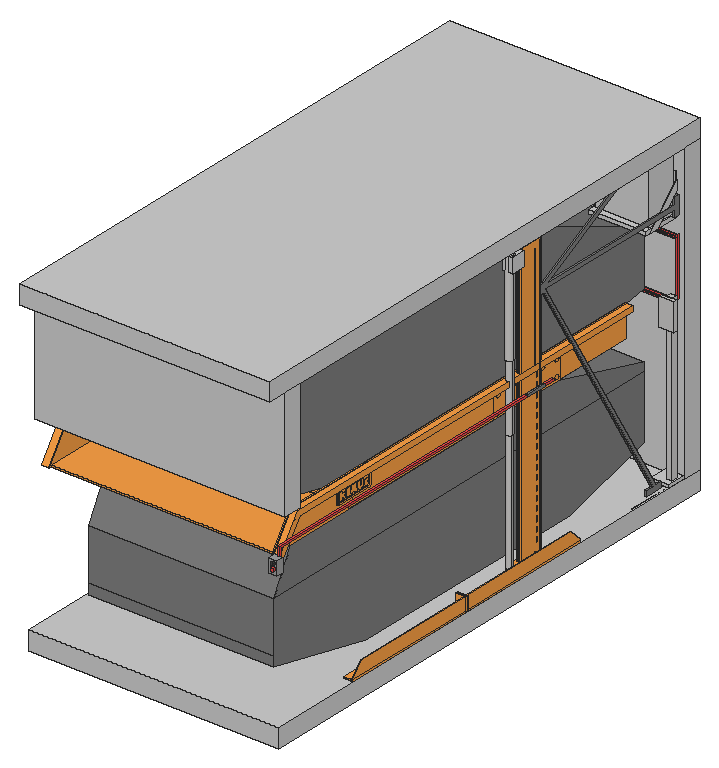
Revit family "CP612.6T (Family)", category Parking, Revit 2024 (continued)
Forms (mm)
  Extrusion 94, solid, material "Parking Column"
    sketch origin (0, 356.533, 0) x (-1, 0, 0) y (0, -1, 0)
      loop
        line (-1230.892, -156.39) -> (-1230.892, -248.39)
        arc (-1230.892, -248.39) -> (-1232.356, -251.926) -> (-1235.892, -253.39) r 5
        line (-1235.892, -253.39) -> (-1260.892, -253.39) -> (-1260.892, -258.39)
    from 0 to 3135
  Extrusion 95, void
    sketch origin (1283.392, 667.39, 120) x (0, 1, 0) y (0, 0, -1)
      loop
        line (-18.291, -277.631) -> (-35.291, -277.631)
        arc (-35.291, -277.631) -> (-38.12, -278.802) -> (-39.291, -281.631) r 4
        line (-39.291, -281.631) -> (-39.291, -338.631)
        arc (-39.291, -338.631) -> (-38.12, -341.459) -> (-35.291, -342.631) r 4
        line (-35.291, -342.631) -> (-26.791, -342.631) -> (-18.291, -342.631)
        arc (-18.291, -342.631) -> (-15.463, -341.459) -> (-14.291, -338.631) r 4
        line (-14.291, -338.631) -> (-14.291, -281.631)
        arc (-14.291, -281.631) -> (-15.463, -278.802) -> (-18.291, -277.631) r 4
      loop
        line (-18.291, -177.631) -> (-35.291, -177.631)
        arc (-35.291, -177.631) -> (-38.12, -178.802) -> (-39.291, -181.631) r 4
        line (-39.291, -181.631) -> (-39.291, -238.631)
        arc (-39.291, -238.631) -> (-38.12, -241.459) -> (-35.291, -242.631) r 4
        line (-35.291, -242.631) -> (-26.791, -242.631) -> (-18.291, -242.631)
        arc (-18.291, -242.631) -> (-15.463, -241.459) -> (-14.291, -238.631) r 4
        line (-14.291, -238.631) -> (-14.291, -181.631)
        arc (-14.291, -181.631) -> (-15.463, -178.802) -> (-18.291, -177.631) r 4
      loop
        line (-18.291, -77.631) -> (-35.291, -77.631)
        arc (-35.291, -77.631) -> (-38.12, -78.802) -> (-39.291, -81.631) r 4
        line (-39.291, -81.631) -> (-39.291, -138.631)
        arc (-39.291, -138.631) -> (-38.12, -141.459) -> (-35.291, -142.631) r 4
        line (-35.291, -142.631) -> (-26.791, -142.631) -> (-18.291, -142.631)
        arc (-18.291, -142.631) -> (-15.463, -141.459) -> (-14.291, -138.631) r 4
        line (-14.291, -138.631) -> (-14.291, -81.631)
        arc (-14.291, -81.631) -> (-15.463, -78.802) -> (-18.291, -77.631) r 4
      loop
        line (-18.291, -477.631) -> (-35.291, -477.631)
        arc (-35.291, -477.631) -> (-38.12, -478.802) -> (-39.291, -481.631) r 4
        line (-39.291, -481.631) -> (-39.291, -538.631)
        arc (-39.291, -538.631) -> (-38.12, -541.459) -> (-35.291, -542.631) r 4
        line (-35.291, -542.631) -> (-26.791, -542.631) -> (-18.291, -542.631)
        arc (-18.291, -542.631) -> (-15.463, -541.459) -> (-14.291, -538.631) r 4
        line (-14.291, -538.631) -> (-14.291, -481.631)
        arc (-14.291, -481.631) -> (-15.463, -478.802) -> (-18.291, -477.631) r 4
      loop
        line (-18.291, -377.631) -> (-35.291, -377.631)
        arc (-35.291, -377.631) -> (-38.12, -378.802) -> (-39.291, -381.631) r 4
        line (-39.291, -381.631) -> (-39.291, -438.631)
        arc (-39.291, -438.631) -> (-38.12, -441.459) -> (-35.291, -442.631) r 4
        line (-35.291, -442.631) -> (-26.791, -442.631) -> (-18.291, -442.631)
        arc (-18.291, -442.631) -> (-15.463, -441.459) -> (-14.291, -438.631) r 4
        line (-14.291, -438.631) -> (-14.291, -381.631)
        arc (-14.291, -381.631) -> (-15.463, -378.802) -> (-18.291, -377.631) r 4
      loop
        line (-18.291, -677.631) -> (-35.291, -677.631)
        arc (-35.291, -677.631) -> (-38.12, -678.802) -> (-39.291, -681.631) r 4
        line (-39.291, -681.631) -> (-39.291, -738.631)
        arc (-39.291, -738.631) -> (-38.12, -741.459) -> (-35.291, -742.631) r 4
        line (-35.291, -742.631) -> (-26.791, -742.631) -> (-18.291, -742.631)
        arc (-18.291, -742.631) -> (-15.463, -741.459) -> (-14.291, -738.631) r 4
        line (-14.291, -738.631) -> (-14.291, -681.631)
        arc (-14.291, -681.631) -> (-15.463, -678.802) -> (-18.291, -677.631) r 4
      loop
        line (-18.291, -577.631) -> (-35.291, -577.631)
        arc (-35.291, -577.631) -> (-38.12, -578.802) -> (-39.291, -581.631) r 4
        line (-39.291, -581.631) -> (-39.291, -638.631)
        arc (-39.291, -638.631) -> (-38.12, -641.459) -> (-35.291, -642.631) r 4
        line (-35.291, -642.631) -> (-26.791, -642.631) -> (-18.291, -642.631)
        arc (-18.291, -642.631) -> (-15.463, -641.459) -> (-14.291, -638.631) r 4
        line (-14.291, -638.631) -> (-14.291, -581.631)
        arc (-14.291, -581.631) -> (-15.463, -578.802) -> (-18.291, -577.631) r 4
      loop
        line (-18.291, -877.631) -> (-35.291, -877.631)
        arc (-35.291, -877.631) -> (-38.12, -878.802) -> (-39.291, -881.631) r 4
        line (-39.291, -881.631) -> (-39.291, -938.631)
        arc (-39.291, -938.631) -> (-38.12, -941.459) -> (-35.291, -942.631) r 4
        line (-35.291, -942.631) -> (-26.791, -942.631) -> (-18.291, -942.631)
        arc (-18.291, -942.631) -> (-15.463, -941.459) -> (-14.291, -938.631) r 4
        line (-14.291, -938.631) -> (-14.291, -881.631)
        arc (-14.291, -881.631) -> (-15.463, -878.802) -> (-18.291, -877.631) r 4
      loop
        line (-18.291, -777.631) -> (-35.291, -777.631)
        arc (-35.291, -777.631) -> (-38.12, -778.802) -> (-39.291, -781.631) r 4
        line (-39.291, -781.631) -> (-39.291, -838.631)
        arc (-39.291, -838.631) -> (-38.12, -841.459) -> (-35.291, -842.631) r 4
        line (-35.291, -842.631) -> (-26.791, -842.631) -> (-18.291, -842.631)
        arc (-18.291, -842.631) -> (-15.463, -841.459) -> (-14.291, -838.631) r 4
        line (-14.291, -838.631) -> (-14.291, -781.631)
        arc (-14.291, -781.631) -> (-15.463, -778.802) -> (-18.291, -777.631) r 4
      loop
        line (-18.291, -1077.631) -> (-35.291, -1077.631)
        arc (-35.291, -1077.631) -> (-38.12, -1078.802) -> (-39.291, -1081.631) r 4
        line (-39.291, -1081.631) -> (-39.291, -1138.631)
        arc (-39.291, -1138.631) -> (-38.12, -1141.459) -> (-35.291, -1142.631) r 4
        line (-35.291, -1142.631) -> (-26.791, -1142.631) -> (-18.291, -1142.631)
        arc (-18.291, -1142.631) -> (-15.463, -1141.459) -> (-14.291, -1138.631) r 4
        line (-14.291, -1138.631) -> (-14.291, -1081.631)
        arc (-14.291, -1081.631) -> (-15.463, -1078.802) -> (-18.291, -1077.631) r 4
      loop
        line (-18.291, -977.631) -> (-35.291, -977.631)
        arc (-35.291, -977.631) -> (-38.12, -978.802) -> (-39.291, -981.631) r 4
        line (-39.291, -981.631) -> (-39.291, -1038.631)
        arc (-39.291, -1038.631) -> (-38.12, -1041.459) -> (-35.291, -1042.631) r 4
        line (-35.291, -1042.631) -> (-26.791, -1042.631) -> (-18.291, -1042.631)
        arc (-18.291, -1042.631) -> (-15.463, -1041.459) -> (-14.291, -1038.631) r 4
        line (-14.291, -1038.631) -> (-14.291, -981.631)
        arc (-14.291, -981.631) -> (-15.463, -978.802) -> (-18.291, -977.631) r 4
      loop
        line (-18.291, -1277.631) -> (-35.291, -1277.631)
        arc (-35.291, -1277.631) -> (-38.12, -1278.802) -> (-39.291, -1281.631) r 4
        line (-39.291, -1281.631) -> (-39.291, -1338.631)
        arc (-39.291, -1338.631) -> (-38.12, -1341.459) -> (-35.291, -1342.631) r 4
        line (-35.291, -1342.631) -> (-26.791, -1342.631) -> (-18.291, -1342.631)
        arc (-18.291, -1342.631) -> (-15.463, -1341.459) -> (-14.291, -1338.631) r 4
        line (-14.291, -1338.631) -> (-14.291, -1281.631)
        arc (-14.291, -1281.631) -> (-15.463, -1278.802) -> (-18.291, -1277.631) r 4
      loop
        line (-18.291, -1177.631) -> (-35.291, -1177.631)
        arc (-35.291, -1177.631) -> (-38.12, -1178.802) -> (-39.291, -1181.631) r 4
        line (-39.291, -1181.631) -> (-39.291, -1238.631)
        arc (-39.291, -1238.631) -> (-38.12, -1241.459) -> (-35.291, -1242.631) r 4
        line (-35.291, -1242.631) -> (-26.791, -1242.631) -> (-18.291, -1242.631)
        arc (-18.291, -1242.631) -> (-15.463, -1241.459) -> (-14.291, -1238.631) r 4
        line (-14.291, -1238.631) -> (-14.291, -1181.631)
        arc (-14.291, -1181.631) -> (-15.463, -1178.802) -> (-18.291, -1177.631) r 4
      loop
        line (-18.291, -1477.631) -> (-35.291, -1477.631)
        arc (-35.291, -1477.631) -> (-38.12, -1478.802) -> (-39.291, -1481.631) r 4
        line (-39.291, -1481.631) -> (-39.291, -1538.631)
        arc (-39.291, -1538.631) -> (-38.12, -1541.459) -> (-35.291, -1542.631) r 4
        line (-35.291, -1542.631) -> (-26.791, -1542.631) -> (-18.291, -1542.631)
        arc (-18.291, -1542.631) -> (-15.463, -1541.459) -> (-14.291, -1538.631) r 4
        line (-14.291, -1538.631) -> (-14.291, -1481.631)
        arc (-14.291, -1481.631) -> (-15.463, -1478.802) -> (-18.291, -1477.631) r 4
      loop
        line (-18.291, -1377.631) -> (-35.291, -1377.631)
        arc (-35.291, -1377.631) -> (-38.12, -1378.802) -> (-39.291, -1381.631) r 4
        line (-39.291, -1381.631) -> (-39.291, -1438.631)
        arc (-39.291, -1438.631) -> (-38.12, -1441.459) -> (-35.291, -1442.631) r 4
        line (-35.291, -1442.631) -> (-26.791, -1442.631) -> (-18.291, -1442.631)
        arc (-18.291, -1442.631) -> (-15.463, -1441.459) -> (-14.291, -1438.631) r 4
        line (-14.291, -1438.631) -> (-14.291, -1381.631)
        arc (-14.291, -1381.631) -> (-15.463, -1378.802) -> (-18.291, -1377.631) r 4
      loop
        line (-18.291, -1677.631) -> (-35.291, -1677.631)
        arc (-35.291, -1677.631) -> (-38.12, -1678.802) -> (-39.291, -1681.631) r 4
        line (-39.291, -1681.631) -> (-39.291, -1738.631)
        arc (-39.291, -1738.631) -> (-38.12, -1741.459) -> (-35.291, -1742.631) r 4
        line (-35.291, -1742.631) -> (-26.791, -1742.631) -> (-18.291, -1742.631)
        arc (-18.291, -1742.631) -> (-15.463, -1741.459) -> (-14.291, -1738.631) r 4
        line (-14.291, -1738.631) -> (-14.291, -1681.631)
        arc (-14.291, -1681.631) -> (-15.463, -1678.802) -> (-18.291, -1677.631) r 4
      loop
        line (-18.291, -1577.631) -> (-35.291, -1577.631)
        arc (-35.291, -1577.631) -> (-38.12, -1578.802) -> (-39.291, -1581.631) r 4
        line (-39.291, -1581.631) -> (-39.291, -1638.631)
        arc (-39.291, -1638.631) -> (-38.12, -1641.459) -> (-35.291, -1642.631) r 4
        line (-35.291, -1642.631) -> (-26.791, -1642.631) -> (-18.291, -1642.631)
        arc (-18.291, -1642.631) -> (-15.463, -1641.459) -> (-14.291, -1638.631) r 4
        line (-14.291, -1638.631) -> (-14.291, -1581.631)
        arc (-14.291, -1581.631) -> (-15.463, -1578.802) -> (-18.291, -1577.631) r 4
    from -7.718 to 25
  Extrusion 96, solid, material "Parking Column"
    sketch origin (0, 431.533, 0) x (-1, 0, 0) y (0, -1, 0)
      loop
        line (-1278.392, -247.39) -> (-1278.392, -7.39) -> (-1283.392, -7.39) -> (-1283.392, -247.39) -> (-1278.392, -247.39)
    from 0 to 3135
Cuts and joins
  Extrusion 88, Extrusion 91, Extrusion 95 cuts Extrusion 85
  Extrusion 95 cuts Extrusion 84
  Extrusion 91 cuts Sweep 41
  Extrusion 91, Extrusion 95 cuts Extrusion 90
  Extrusion 95 cuts Extrusion 93
  Extrusion 95 cuts Extrusion 96
Lines and regions (mm)
  sketch lines
    curve 1: line (-1209.803, -2196.86, 1924) -> (-1209.803, 1937.923, 1924)
    curve 2: line (-1209.803, -2593.852, 1924) -> (-1209.803, -2196.86, 1924)
    curve 3: line (1211, 1937.923, 1924) -> (1211, -2593.852, 1924)
    curve 6: line (-1209.803, -2834.059, 1575) -> (-1209.803, -2593.852, 1924)
    curve 7: line (1211, -2593.852, 1924) -> (1211, -2834.059, 1575)
  model lines
    curve 4: line (-1223.993, 761.923, 1919) -> (-1223.993, 388.923, 1919)
    curve 5: line (-1236, -38.363, 1600) -> (-1236, -98.363, 1600)
    curve 8: line (-1223.993, -2396.574, 1575) -> (-1223.993, -2384.574, 1575)
    curve 9: line (1338.75, -2339.077, 1600) -> (1345.75, -2339.077, 1600)
    curve 10: line (1345.75, -2339.077, 1600) -> (1345.75, -2404.077, 1600)
    curve 11: line (-1333.594, -2339.077, 1600) -> (-1340.594, -2339.077, 1600)
    curve 12: line (-1340.594, -2339.077, 1600) -> (-1340.594, -2389.077, 1600)
  model lines, style "Site"
    curve 13: line (-1350, 2553.923, 0) -> (-1350, 558.923, 0)
Dimensions and locks
  equal spacing: plane 4, plane 3 "Center (Left/Right)", plane 5
  "Parking Width (PW)": plane 4 to plane 5
  "Total Height (H)": Extrusion 39 to Extrusion 39
  "Model Height (DH)": Extrusion 2 to Extrusion 1
  Extrusion 1 to Extrusion 23 = 1500 mm
  Extrusion 2 to Extrusion 2 = 4754.775 mm
  Sweep 42 to Extrusion 60 = 100 mm
  Extrusion 40 to Extrusion 40 = 2700 mm  (x2)
  Extrusion 39 to Extrusion 60 = 5200 mm
  Sweep 22 sketch curve to Extrusion 1 = 1730 mm
  Extrusion 39 to Extrusion 2 = 616 mm
  Extrusion 74 to Extrusion 74 = 3755 mm
  Extrusion 15 to Extrusion 17 = 2686.344 mm
  aligned and locked: level to plane 2
  aligned and locked: Extrusion 2 to plane 4
  aligned and locked: Extrusion 2 to plane 5
Automatic sketch dimensions
  Extrusion 24 sketch curve to Extrusion 24 sketch curve = 200 mm  (x2)
  Extrusion 25 sketch curve to Extrusion 25 sketch curve = 30 mm  (x2)
  Extrusion 25 sketch curve to Extrusion 25 sketch curve = 60 mm
  Extrusion 26 sketch curve to Extrusion 25 = 0 mm
  Extrusion 26 sketch curve to Extrusion 25 = 48.82 mm
  Extrusion 25 to Extrusion 26 sketch curve = 51.232 mm
  Extrusion 25 to Extrusion 26 sketch curve = 300 mm
  Extrusion 25 to Sweep 27 sketch curve = 0 mm
  Extrusion 25 to Sweep 27 sketch curve = 30 mm
  Sweep 27 sketch curve to Extrusion 25 = 355 mm
  Sweep 27 sketch curve to Extrusion 25 = 5320 mm
  Extrusion 25 to Sweep 27 sketch curve = 290 mm
  profile plane to Sweep 27 sketch curve = 10.607 mm
  Sweep 27 sketch curve to profile plane = 9.393 mm
  Sweep 27 sketch curve to profile plane = 20.236 mm
  Sweep 27 sketch curve to Sweep 27 sketch curve = 20 mm
  Extrusion 28 sketch curve to Sweep 27 = 90 mm  (x2)
  Extrusion 28 sketch curve to Sweep 27 = 0 mm
  Extrusion 28 sketch curve to Extrusion 28 sketch curve = 150 mm
  Extrusion 30 sketch curve to Extrusion 30 sketch curve = 14 mm
  Extrusion 29 to Extrusion 31 sketch curve = 0 mm
  Extrusion 31 sketch curve to Extrusion 29 = 0 mm  (x2)
  Extrusion 31 sketch curve to Extrusion 29 = 121 mm
  Extrusion 31 sketch curve to Extrusion 29 = 138 mm
  Extrusion 29 sketch curve to Extrusion 29 sketch curve = 100 mm
  Extrusion 29 sketch curve to Extrusion 29 sketch curve = 1531 mm
  Extrusion 30 sketch curve to Extrusion 30 sketch curve = 86 mm
  Extrusion 33 sketch curve to Extrusion 33 sketch curve = 14 mm
  Extrusion 32 to Extrusion 34 sketch curve = 0 mm
  Extrusion 34 sketch curve to Extrusion 32 = 0 mm
  Extrusion 32 to Extrusion 34 sketch curve = 121 mm
  Extrusion 32 to Extrusion 34 sketch curve = 14 mm
  Extrusion 34 sketch curve to Extrusion 32 = 138 mm
  Extrusion 32 sketch curve to Extrusion 32 sketch curve = 100 mm
  Extrusion 32 sketch curve to Extrusion 32 sketch curve = 1531 mm
  Extrusion 33 sketch curve to Extrusion 33 sketch curve = 86 mm
  Extrusion 44 sketch curve to Extrusion 44 sketch curve = 179 mm  (x2)
  Extrusion 47 sketch curve to Extrusion 47 sketch curve = 20 mm  (x7)
  Extrusion 47 sketch curve to Extrusion 47 sketch curve = 0 mm  (x5)
  Extrusion 47 sketch curve to Extrusion 47 sketch curve = 202 mm  (x2)
  Extrusion 52 sketch curve to Extrusion 52 sketch curve = 291.26 mm
  Extrusion 52 sketch curve to Extrusion 52 sketch curve = 225 mm
  Extrusion 52 sketch curve to Extrusion 52 sketch curve = 300 mm
  Extrusion 52 sketch curve to Extrusion 52 sketch curve = 10 mm  (x3)
  Extrusion 53 sketch curve to Extrusion 52 = 18.953 mm  (x2)
  Extrusion 53 sketch curve to Extrusion 53 sketch curve = 5.977 mm  (x16)
  Extrusion 53 sketch curve to Extrusion 53 sketch curve = 16.33 mm  (x32)
  Extrusion 53 sketch curve to Extrusion 53 sketch curve = 22.307 mm  (x32)
  Extrusion 53 sketch curve to Extrusion 52 = 72.307 mm  (x4)
  Extrusion 53 sketch curve to Extrusion 52 = 27.693 mm  (x6)
  Extrusion 53 sketch curve to Extrusion 52 = 82.307 mm  (x4)
  Extrusion 54 sketch curve to Extrusion 54 sketch curve = 300 mm
  Extrusion 54 sketch curve to Extrusion 54 sketch curve = 225 mm
  Extrusion 54 sketch curve to Extrusion 54 sketch curve = 291.26 mm
  Extrusion 55 sketch curve to Extrusion 54 = 27.693 mm  (x10)
  Extrusion 55 sketch curve to Extrusion 55 sketch curve = 5.977 mm  (x27)
  Extrusion 55 sketch curve to Extrusion 55 sketch curve = 16.33 mm  (x17)
  Extrusion 55 sketch curve to Extrusion 55 sketch curve = 22.307 mm  (x23)
  Extrusion 55 sketch curve to Extrusion 54 = 72.307 mm  (x4)
  Extrusion 55 sketch curve to Extrusion 54 = 70 mm
  Extrusion 55 sketch curve to Extrusion 55 sketch curve = 20 mm  (x3)
  Extrusion 55 sketch curve to Extrusion 55 sketch curve = 11.547 mm  (x3)
  Extrusion 55 sketch curve to Extrusion 55 sketch curve = 23.094 mm  (x2)
  Extrusion 55 sketch curve to Extrusion 55 sketch curve = 44.614 mm  (x3)
  Extrusion 55 sketch curve to Extrusion 54 = 26.906 mm
  Extrusion 57 sketch curve to Extrusion 47 = 0 mm
  Extrusion 47 to Extrusion 57 sketch curve = 0 mm  (x2)
  Extrusion 47 to Extrusion 57 sketch curve = 17 mm  (x2)
  Extrusion 47 to Extrusion 57 sketch curve = 159 mm
  Extrusion 57 sketch curve to Extrusion 57 sketch curve = 159 mm
  Extrusion 47 to Extrusion 57 sketch curve = 2.125 mm
  Extrusion 47 to Extrusion 56 sketch curve = 18 mm  (x2)
  Extrusion 47 to Extrusion 56 sketch curve = 8 mm  (x4)
  Extrusion 56 sketch curve to Extrusion 47 = 8 mm  (x2)
  Extrusion 47 to Extrusion 56 sketch curve = 7 mm  (x2)
  Extrusion 56 sketch curve to Extrusion 56 sketch curve = 10 mm  (x5)
  Extrusion 47 to Extrusion 56 sketch curve = 17 mm
  Extrusion 47 to Extrusion 56 sketch curve = 20 mm  (x2)
  Extrusion 47 to Extrusion 56 sketch curve = 10 mm  (x4)
  Extrusion 56 sketch curve to Extrusion 47 = 9 mm  (x2)
  Extrusion 47 to Extrusion 56 sketch curve = 11 mm  (x2)
  Extrusion 44 sketch curve to Extrusion 44 sketch curve = 86 mm  (x2)
  Extrusion 44 sketch curve to Extrusion 44 sketch curve = 2375 mm
  Extrusion 44 sketch curve to Extrusion 44 sketch curve = 0 mm
  Extrusion 47 sketch curve to Extrusion 47 sketch curve = 66 mm  (x3)
  Extrusion 47 sketch curve to Extrusion 47 sketch curve = 2375 mm
  Extrusion 52 sketch curve to Extrusion 52 sketch curve = 0 mm  (x2)
  Extrusion 52 sketch curve to Extrusion 52 sketch curve = 274 mm  (x2)
  Extrusion 54 sketch curve to Extrusion 54 sketch curve = 0 mm  (x2)
  Extrusion 54 sketch curve to Extrusion 54 sketch curve = 274 mm
  Extrusion 1 sketch curve to plane 4 = 150 mm
  plane 5 to Extrusion 1 sketch curve = 150 mm
  plane 1 "Center (Front/Back)" to Extrusion 1 sketch curve = 2931.077 mm
  Extrusion 1 sketch curve to plane 1 "Center (Front/Back)" = 2755.923 mm
  plane 1 "Center (Front/Back)" to Extrusion 2 sketch curve = 2816.852 mm
  Extrusion 2 sketch curve to plane 1 "Center (Front/Back)" = 1937.923 mm
  level to Extrusion 2 sketch curve = 1575 mm
  Extrusion 2 sketch curve to Extrusion 2 sketch curve = 25 mm
  Extrusion 3 sketch curve to plane 4 = 140.594 mm
  Extrusion 3 sketch curve to plane 4 = 33.594 mm
  plane 1 "Center (Front/Back)" to Extrusion 3 sketch curve = 388.077 mm
  Extrusion 3 sketch curve to plane 1 "Center (Front/Back)" = 1142.923 mm
  Extrusion 3 to Extrusion 4 sketch curve = 0 mm
  Extrusion 4 sketch curve to Extrusion 3 = 0 mm  (x2)
  Extrusion 3 to Extrusion 4 sketch curve = 115 mm
  Extrusion 4 sketch curve to Extrusion 3 = 23 mm
  Extrusion 4 sketch curve to Extrusion 3 = 138 mm
  Extrusion 17 to Extrusion 5 sketch curve = 0 mm  (x2)
  Extrusion 17 to Extrusion 5 sketch curve = 1545 mm
  Extrusion 5 sketch curve to Extrusion 5 sketch curve = 115 mm
  Extrusion 17 to Extrusion 5 sketch curve = 14 mm
  Extrusion 5 sketch curve to Extrusion 17 = 23 mm
  Extrusion 6 sketch curve to Extrusion 2 = 0 mm
  Extrusion 2 to Extrusion 6 sketch curve = 0 mm
  Extrusion 6 sketch curve to Extrusion 2 = 619.992 mm
  Extrusion 6 sketch curve to Extrusion 2 = 223 mm
  Extrusion 2 to Extrusion 6 sketch curve = 17.207 mm
  Extrusion 2 to Extrusion 6 sketch curve = 324 mm
  Extrusion 7 sketch curve to Extrusion 2 = 0 mm  (x2)
  Extrusion 7 sketch curve to Extrusion 2 = 223 mm
  Extrusion 2 to Extrusion 7 sketch curve = 17.207 mm
  Extrusion 2 to Extrusion 7 sketch curve = 324 mm
  Sweep 8 sketch curve to profile plane = 0 mm  (x2)
  Sweep 8 sketch curve to profile plane = 10 mm
  Sweep 8 sketch curve to profile plane = 63 mm
  Sweep 8 sketch curve to Sweep 8 sketch curve = 10 mm
  Sweep 8 sketch curve to Sweep 8 sketch curve = 15 mm
  Sweep 8 sketch curve to Sweep 8 sketch curve = 35 mm
  profile plane to Sweep 9 sketch curve = 0 mm
  Sweep 9 sketch curve to profile plane = 0 mm
  Sweep 9 sketch curve to profile plane = 20 mm
  Sweep 9 sketch curve to profile plane = 63 mm
  Sweep 9 sketch curve to Sweep 9 sketch curve = 10 mm
  Sweep 9 sketch curve to Sweep 9 sketch curve = 40 mm
  Sweep 9 sketch curve to profile plane = 10 mm
  Extrusion 10 sketch curve to plane 4 = 126.594 mm
  Extrusion 10 sketch curve to plane 4 = 33.594 mm
  plane 1 "Center (Front/Back)" to Extrusion 10 sketch curve = 388.077 mm
  Extrusion 10 sketch curve to Extrusion 10 sketch curve = 14 mm
  plane 5 to Extrusion 11 sketch curve = 38.75 mm
  Extrusion 11 sketch curve to Extrusion 11 sketch curve = 107 mm
  plane 1 "Center (Front/Back)" to Extrusion 11 sketch curve = 388.077 mm
  Extrusion 11 sketch curve to Extrusion 11 sketch curve = 14 mm
  Extrusion 12 sketch curve to plane 4 = 140.594 mm
  Extrusion 12 sketch curve to plane 4 = 40.594 mm
  plane 1 "Center (Front/Back)" to Extrusion 12 sketch curve = 1919.077 mm
  plane 1 "Center (Front/Back)" to Extrusion 12 sketch curve = 388.077 mm
  plane 5 to Extrusion 13 sketch curve = 45.75 mm
  Extrusion 13 sketch curve to Extrusion 13 sketch curve = 100 mm
  plane 1 "Center (Front/Back)" to Extrusion 13 sketch curve = 1919.077 mm
  plane 1 "Center (Front/Back)" to Extrusion 13 sketch curve = 388.077 mm
  Extrusion 14 sketch curve to plane 4 = 126.594 mm
  Extrusion 14 sketch curve to plane 4 = 33.594 mm
  plane 1 "Center (Front/Back)" to Extrusion 14 sketch curve = 402.077 mm
  Extrusion 14 sketch curve to Extrusion 14 sketch curve = 14 mm
  Extrusion 12 to Extrusion 15 sketch curve = 0 mm
  Extrusion 15 sketch curve to Extrusion 12 = 0 mm  (x2)
  Extrusion 15 sketch curve to Extrusion 12 = 121 mm
  Extrusion 15 sketch curve to Extrusion 12 = 138 mm
  plane 5 to Extrusion 16 sketch curve = 38.75 mm
  Extrusion 16 sketch curve to Extrusion 16 sketch curve = 107 mm
  plane 1 "Center (Front/Back)" to Extrusion 16 sketch curve = 402.077 mm
  Extrusion 16 sketch curve to Extrusion 16 sketch curve = 14 mm
  Extrusion 13 to Extrusion 17 sketch curve = 0 mm
  Extrusion 17 sketch curve to Extrusion 13 = 0 mm
  Extrusion 13 to Extrusion 17 sketch curve = 121 mm
  Extrusion 13 to Extrusion 17 sketch curve = 14 mm
  Extrusion 17 sketch curve to Extrusion 13 = 138 mm
  Extrusion 18 sketch curve to Extrusion 6 = 65 mm
  Extrusion 18 sketch curve to Extrusion 6 = 912.74 mm
  Extrusion 18 sketch curve to Extrusion 6 = 55 mm  (x2)
  Extrusion 18 sketch curve to Extrusion 18 sketch curve = 291.26 mm
  Extrusion 18 sketch curve to Extrusion 6 = 10 mm  (x2)
  Extrusion 18 sketch curve to Extrusion 18 sketch curve = 315 mm
  Extrusion 18 sketch curve to Extrusion 18 sketch curve = 300 mm
  Extrusion 18 sketch curve to Extrusion 18 sketch curve = 10 mm  (x3)
  Extrusion 19 sketch curve to Extrusion 18 = 18.953 mm  (x2)
  Extrusion 19 sketch curve to Extrusion 19 sketch curve = 5.977 mm  (x20)
  Extrusion 19 sketch curve to Extrusion 19 sketch curve = 16.33 mm  (x25)
  Extrusion 19 sketch curve to Extrusion 19 sketch curve = 22.307 mm  (x30)
  Extrusion 19 sketch curve to Extrusion 19 sketch curve = 20.472 mm  (x2)
  Extrusion 19 sketch curve to Extrusion 19 sketch curve = 5.485 mm  (x2)
  Extrusion 19 sketch curve to Extrusion 18 = 72.307 mm  (x4)
  Extrusion 19 sketch curve to Extrusion 18 = 27.693 mm  (x6)
  Extrusion 19 sketch curve to Extrusion 18 = 81.815 mm
  Extrusion 19 sketch curve to Extrusion 18 = 82.307 mm  (x3)
  Extrusion 19 sketch curve to Extrusion 19 sketch curve = 17.674 mm
  plane 5 to Extrusion 20 sketch curve = 94.445 mm
  Extrusion 20 sketch curve to plane 1 "Center (Front/Back)" = 2475.544 mm
  Extrusion 20 sketch curve to Extrusion 20 sketch curve = 60 mm
  plane 5 to Extrusion 20 sketch curve = 64.445 mm
  Extrusion 20 sketch curve to Extrusion 20 sketch curve = 30 mm
  Extrusion 21 sketch curve to Extrusion 20 = 0 mm
  Extrusion 20 to Extrusion 21 sketch curve = 51.232 mm
  Extrusion 21 sketch curve to Extrusion 20 = 48.82 mm
  Extrusion 20 to Extrusion 21 sketch curve = 300 mm
  profile plane to Sweep 22 sketch curve = 10.607 mm
  profile plane to Sweep 22 sketch curve = 1.014 mm
  Sweep 22 sketch curve to profile plane = 9.393 mm
  Sweep 22 sketch curve to Sweep 22 sketch curve = 20 mm
  Extrusion 23 sketch curve to Sweep 22 = 0 mm
  Extrusion 23 sketch curve to Sweep 22 = 32.5 mm  (x2)
  Sweep 22 to Extrusion 23 sketch curve = 90.607 mm
  Extrusion 35 sketch curve to Extrusion 7 = 60 mm  (x2)
  Extrusion 35 sketch curve to Extrusion 7 = 1807.278 mm
  Extrusion 35 sketch curve to Extrusion 35 sketch curve = 300 mm
  Extrusion 35 sketch curve to Extrusion 7 = 15 mm  (x2)
  Extrusion 35 sketch curve to Extrusion 35 sketch curve = 296.745 mm
  Extrusion 35 sketch curve to Extrusion 35 sketch curve = 291.26 mm
  Extrusion 36 sketch curve to Extrusion 35 = 27.693 mm  (x10)
  Extrusion 36 sketch curve to Extrusion 36 sketch curve = 5.977 mm  (x21)
  Extrusion 36 sketch curve to Extrusion 36 sketch curve = 16.33 mm  (x22)
  Extrusion 36 sketch curve to Extrusion 36 sketch curve = 22.307 mm  (x24)
  Extrusion 36 sketch curve to Extrusion 35 = 72.307 mm  (x4)
  Extrusion 36 sketch curve to Extrusion 35 = 70 mm
  Extrusion 36 sketch curve to Extrusion 36 sketch curve = 20 mm  (x3)
  Extrusion 36 sketch curve to Extrusion 35 = 26.906 mm
  Extrusion 36 sketch curve to Extrusion 36 sketch curve = 11.547 mm  (x3)
  Extrusion 36 sketch curve to Extrusion 36 sketch curve = 23.094 mm  (x2)
  Extrusion 36 sketch curve to Extrusion 36 sketch curve = 44.614 mm  (x3)
  Extrusion 37 sketch curve to Extrusion 23 = 55 mm
  Extrusion 37 sketch curve to Extrusion 23 = 42.5 mm
  Extrusion 38 sketch curve to Extrusion 23 = 40 mm
  Extrusion 38 sketch curve to Extrusion 23 = 42.5 mm
  Extrusion 39 sketch curve to plane 4 = 150 mm
  plane 5 to Extrusion 39 sketch curve = 150 mm
  Extrusion 39 sketch curve to plane 1 "Center (Front/Back)" = 2553.923 mm
  Extrusion 39 sketch curve to Extrusion 39 sketch curve = 202 mm
  Extrusion 40 sketch curve to Extrusion 39 = 0 mm  (x3)
  Extrusion 39 to Extrusion 40 sketch curve = 5601.714 mm
  Sweep 41 sketch curve to plane 1 "Center (Front/Back)" = 22.923 mm
  plane 4 to Sweep 41 sketch curve = 187.5 mm
  Sweep 41 sketch curve to plane 5 = 212.5 mm
  Sweep 41 sketch curve to level = 0 mm
  level to Sweep 41 sketch curve = 267.949 mm
  profile plane to Sweep 41 sketch curve = 2431 mm
  Sweep 41 sketch curve to Sweep 41 sketch curve = 1000 mm
  Sweep 41 sketch curve to profile plane = 1319 mm
  level to Sweep 41 sketch curve = 288.585 mm
  Sweep 41 sketch curve to Sweep 41 sketch curve = 1250 mm
  Sweep 41 sketch curve to Sweep 41 sketch curve = 682.051 mm
  curve 5 to Extrusion 2 = 36 mm
  Extrusion 2 to curve 5 = 2036.286 mm
  curve 5 to curve 5 = 60 mm
  Extrusion 2 to Sweep 42 sketch curve = 212.5 mm
  Extrusion 2 to Sweep 42 sketch curve = 1937.923 mm
  Extrusion 2 to Sweep 42 sketch curve = 187.5 mm
  Sweep 42 sketch curve to profile plane = 0 mm
  profile plane to Sweep 42 sketch curve = 920 mm
  profile plane to Sweep 42 sketch curve = 2546.077 mm
  Sweep 42 sketch curve to Sweep 42 sketch curve = 400 mm
  Sweep 42 sketch curve to Sweep 42 sketch curve = 600 mm  (x2)
  Sweep 42 sketch curve to Sweep 42 sketch curve = 1250 mm
  Sweep 42 sketch curve to profile plane = 753.923 mm
  Sweep 42 sketch curve to profile plane = 1503.923 mm
  profile plane to Sweep 42 sketch curve = 160 mm
  Sweep 42 sketch curve to Sweep 42 sketch curve = 950 mm
  profile plane to Sweep 42 sketch curve = 288.585 mm
  Sweep 42 sketch curve to Sweep 42 sketch curve = 20 mm
  Sweep 42 sketch curve to Sweep 42 sketch curve = 480 mm
  profile plane to Sweep 42 sketch curve = 1500 mm
  Extrusion 2 to Sweep 43 sketch curve = 212.5 mm
  Extrusion 2 to Sweep 43 sketch curve = 1937.923 mm
  Extrusion 2 to Sweep 43 sketch curve = 187.5 mm
  Sweep 43 sketch curve to profile plane = 1200 mm
  profile plane to Sweep 43 sketch curve = 2546.077 mm
  Sweep 43 sketch curve to profile plane = 100 mm
  Sweep 43 sketch curve to Sweep 43 sketch curve = 300 mm
  Sweep 43 sketch curve to profile plane = 853.923 mm
  Sweep 43 sketch curve to profile plane = 550 mm
  Sweep 43 sketch curve to Sweep 43 sketch curve = 1600 mm
  Sweep 43 sketch curve to Sweep 43 sketch curve = 550 mm
  curve 4 to Extrusion 18 = 28 mm
  Extrusion 18 to curve 8 = 10 mm
  curve 4 to Extrusion 18 = 30 mm
  Extrusion 18 to curve 8 = 2503.498 mm
  curve 8 to curve 8 = 12 mm
  Extrusion 18 to curve 4 = 50 mm
  Extrusion 58 sketch curve to Extrusion 58 sketch curve = 0 mm  (x10)
  Extrusion 58 sketch curve to Extrusion 6 = 143.928 mm
  Extrusion 58 sketch curve to Extrusion 6 = 3461.357 mm
  Extrusion 58 sketch curve to Extrusion 58 sketch curve = 10 mm
  Extrusion 58 sketch curve to Extrusion 6 = 148.909 mm  (x7)
  Extrusion 58 sketch curve to Extrusion 58 sketch curve = 17.084 mm
  Extrusion 58 sketch curve to Extrusion 58 sketch curve = 17.456 mm
  Extrusion 58 sketch curve to Extrusion 58 sketch curve = 1.476 mm
  Extrusion 58 sketch curve to Extrusion 58 sketch curve = 1.103 mm
  Extrusion 58 sketch curve to Extrusion 58 sketch curve = 29.845 mm  (x2)
  Extrusion 58 sketch curve to Extrusion 58 sketch curve = 28.358 mm
  Extrusion 58 sketch curve to Extrusion 58 sketch curve = 28.441 mm
  Extrusion 58 sketch curve to Extrusion 6 = 158.678 mm
  Extrusion 58 sketch curve to Extrusion 58 sketch curve = 33.196 mm
  Extrusion 58 sketch curve to Extrusion 58 sketch curve = 22.987 mm
  Extrusion 58 sketch curve to Extrusion 58 sketch curve = 37.648 mm
  Extrusion 58 sketch curve to Extrusion 58 sketch curve = 19.83 mm
  Extrusion 58 sketch curve to Extrusion 6 = 119.723 mm  (x2)
  Extrusion 58 sketch curve to Extrusion 58 sketch curve = 8.638 mm
  Extrusion 58 sketch curve to Extrusion 6 = 132.96 mm
  Extrusion 58 sketch curve to Extrusion 58 sketch curve = 30.891 mm
  Extrusion 58 sketch curve to Extrusion 58 sketch curve = 37.89 mm
  Extrusion 58 sketch curve to Extrusion 58 sketch curve = 11.352 mm
  Extrusion 58 sketch curve to Extrusion 6 = 132.581 mm
  Extrusion 58 sketch curve to Extrusion 58 sketch curve = 2.073 mm
  Extrusion 58 sketch curve to Extrusion 58 sketch curve = 9.541 mm
  Extrusion 58 sketch curve to Extrusion 58 sketch curve = 15.179 mm
  Extrusion 58 sketch curve to Extrusion 58 sketch curve = 32.937 mm
  Extrusion 58 sketch curve to Extrusion 58 sketch curve = 6.823 mm
  Extrusion 58 sketch curve to Extrusion 58 sketch curve = 4.16 mm
  Extrusion 58 sketch curve to Extrusion 6 = 157.563 mm
  Extrusion 58 sketch curve to Extrusion 58 sketch curve = 9.265 mm
  Extrusion 58 sketch curve to Extrusion 58 sketch curve = 8.066 mm
  Extrusion 58 sketch curve to Extrusion 58 sketch curve = 3.868 mm
  Extrusion 58 sketch curve to Extrusion 58 sketch curve = 5.47 mm
  Extrusion 58 sketch curve to Extrusion 58 sketch curve = 52.264 mm
  Extrusion 58 sketch curve to Extrusion 58 sketch curve = 27.812 mm
  Extrusion 58 sketch curve to Extrusion 58 sketch curve = 22.425 mm
  Extrusion 58 sketch curve to Extrusion 6 = 159.15 mm
  Extrusion 58 sketch curve to Extrusion 58 sketch curve = 0.99 mm
  Extrusion 58 sketch curve to Extrusion 6 = 153.557 mm
  Extrusion 58 sketch curve to Extrusion 58 sketch curve = 12.594 mm
  Extrusion 58 sketch curve to Extrusion 6 = 141.802 mm
  Extrusion 58 sketch curve to Extrusion 58 sketch curve = 3.832 mm
  Extrusion 58 sketch curve to Extrusion 6 = 128.796 mm
  Extrusion 58 sketch curve to Extrusion 58 sketch curve = 8.316 mm
  Extrusion 58 sketch curve to Extrusion 6 = 120.858 mm
  Extrusion 58 sketch curve to Extrusion 58 sketch curve = 11.575 mm
  Extrusion 58 sketch curve to Extrusion 58 sketch curve = 32.366 mm
  Extrusion 58 sketch curve to Extrusion 6 = 141.529 mm
  Extrusion 58 sketch curve to Extrusion 58 sketch curve = 7.225 mm
  Extrusion 58 sketch curve to Extrusion 6 = 138.425 mm  (x2)
  Extrusion 58 sketch curve to Extrusion 58 sketch curve = 0.477 mm
  Extrusion 58 sketch curve to Extrusion 6 = 120.185 mm
  Extrusion 58 sketch curve to Extrusion 58 sketch curve = 8.808 mm
  Extrusion 58 sketch curve to Extrusion 58 sketch curve = 5.237 mm
  Extrusion 58 sketch curve to Extrusion 6 = 121.72 mm
  Extrusion 58 sketch curve to Extrusion 58 sketch curve = 7.837 mm
  Extrusion 58 sketch curve to Extrusion 6 = 139.218 mm
  Extrusion 58 sketch curve to Extrusion 58 sketch curve = 0.378 mm
  Extrusion 58 sketch curve to Extrusion 6 = 140.341 mm
  Extrusion 58 sketch curve to Extrusion 58 sketch curve = 0.491 mm
  Extrusion 58 sketch curve to Extrusion 6 = 141.775 mm
  Extrusion 58 sketch curve to Extrusion 58 sketch curve = 0.587 mm
  Extrusion 58 sketch curve to Extrusion 6 = 143.576 mm
  Extrusion 58 sketch curve to Extrusion 58 sketch curve = 0.697 mm
  Extrusion 58 sketch curve to Extrusion 6 = 145.84 mm
  Extrusion 58 sketch curve to Extrusion 58 sketch curve = 0.83 mm
  Extrusion 58 sketch curve to Extrusion 6 = 148.672 mm
  Extrusion 58 sketch curve to Extrusion 58 sketch curve = 0.986 mm
  Extrusion 58 sketch curve to Extrusion 6 = 152.18 mm
  Extrusion 58 sketch curve to Extrusion 58 sketch curve = 1.165 mm
  Extrusion 58 sketch curve to Extrusion 6 = 156.469 mm
  Extrusion 58 sketch curve to Extrusion 58 sketch curve = 1.368 mm
  Extrusion 58 sketch curve to Extrusion 6 = 127.356 mm
  Extrusion 58 sketch curve to Extrusion 58 sketch curve = 9.473 mm  (x2)
  Extrusion 58 sketch curve to Extrusion 6 = 161.647 mm
  Extrusion 58 sketch curve to Extrusion 58 sketch curve = 1.594 mm
  Extrusion 58 sketch curve to Extrusion 6 = 156.182 mm
  Extrusion 58 sketch curve to Extrusion 58 sketch curve = 22.363 mm
  Extrusion 58 sketch curve to Extrusion 58 sketch curve = 2.116 mm
  Extrusion 58 sketch curve to Extrusion 6 = 138.932 mm
  Extrusion 58 sketch curve to Extrusion 58 sketch curve = 18.198 mm
  Extrusion 58 sketch curve to Extrusion 58 sketch curve = 15.247 mm
  Extrusion 58 sketch curve to Extrusion 6 = 122.141 mm
  Extrusion 58 sketch curve to Extrusion 58 sketch curve = 0.387 mm
  Extrusion 58 sketch curve to Extrusion 58 sketch curve = 0.089 mm
  Extrusion 58 sketch curve to Extrusion 6 = 158.159 mm
  Extrusion 58 sketch curve to Extrusion 58 sketch curve = 13.185 mm
  Extrusion 58 sketch curve to Extrusion 58 sketch curve = 21.652 mm
  Extrusion 58 sketch curve to Extrusion 58 sketch curve = 25.897 mm
  Extrusion 58 sketch curve to Extrusion 6 = 136.825 mm
  Extrusion 58 sketch curve to Extrusion 58 sketch curve = 2.575 mm
  Extrusion 58 sketch curve to Extrusion 58 sketch curve = 15.237 mm
  Extrusion 58 sketch curve to Extrusion 6 = 160.725 mm
  Extrusion 58 sketch curve to Extrusion 58 sketch curve = 8.866 mm
  Extrusion 58 sketch curve to Extrusion 58 sketch curve = 2.543 mm
  Extrusion 58 sketch curve to Extrusion 6 = 147.2 mm
  Extrusion 58 sketch curve to Extrusion 58 sketch curve = 7.41 mm
  Extrusion 58 sketch curve to Extrusion 6 = 158.982 mm
  Extrusion 58 sketch curve to Extrusion 58 sketch curve = 12.88 mm
  Extrusion 58 sketch curve to Extrusion 58 sketch curve = 0.694 mm
  Extrusion 58 sketch curve to Extrusion 58 sketch curve = 31.728 mm
  Extrusion 58 sketch curve to Extrusion 58 sketch curve = 6.745 mm
  Extrusion 58 sketch curve to Extrusion 58 sketch curve = 18.559 mm
  Extrusion 58 sketch curve to Extrusion 58 sketch curve = 37.841 mm
  Extrusion 58 sketch curve to Extrusion 58 sketch curve = 31.618 mm
  Extrusion 58 sketch curve to Extrusion 58 sketch curve = 0.179 mm
  Extrusion 58 sketch curve to Extrusion 58 sketch curve = 10.451 mm
  Extrusion 58 sketch curve to Extrusion 58 sketch curve = 13.237 mm
  Extrusion 58 sketch curve to Extrusion 58 sketch curve = 1.561 mm
  Extrusion 58 sketch curve to Extrusion 58 sketch curve = 9.557 mm
  Extrusion 58 sketch curve to Extrusion 58 sketch curve = 25.728 mm
  Extrusion 58 sketch curve to Extrusion 58 sketch curve = 4.847 mm
  Extrusion 59 sketch curve to Extrusion 59 sketch curve = 0 mm  (x9)
  Extrusion 59 sketch curve to Extrusion 7 = 140.584 mm
  Extrusion 59 sketch curve to Extrusion 7 = 3925.735 mm
  Extrusion 59 sketch curve to Extrusion 59 sketch curve = 10 mm
  Extrusion 59 sketch curve to Extrusion 7 = 123.907 mm  (x5)
  Extrusion 59 sketch curve to Extrusion 59 sketch curve = 17.084 mm
  Extrusion 59 sketch curve to Extrusion 59 sketch curve = 17.456 mm
  Extrusion 59 sketch curve to Extrusion 59 sketch curve = 1.103 mm
  Extrusion 59 sketch curve to Extrusion 59 sketch curve = 1.476 mm
  Extrusion 59 sketch curve to Extrusion 59 sketch curve = 29.845 mm
  Extrusion 59 sketch curve to Extrusion 7 = 144.904 mm
  Extrusion 59 sketch curve to Extrusion 59 sketch curve = 28.358 mm
  Extrusion 59 sketch curve to Extrusion 59 sketch curve = 28.441 mm
  Extrusion 59 sketch curve to Extrusion 7 = 165.32 mm
  Extrusion 59 sketch curve to Extrusion 59 sketch curve = 4.755 mm
  Extrusion 59 sketch curve to Extrusion 59 sketch curve = 22.987 mm
  Extrusion 59 sketch curve to Extrusion 59 sketch curve = 37.648 mm
  Extrusion 59 sketch curve to Extrusion 59 sketch curve = 19.83 mm
  Extrusion 59 sketch curve to Extrusion 7 = 144.725 mm  (x3)
  Extrusion 59 sketch curve to Extrusion 59 sketch curve = 8.638 mm
  Extrusion 59 sketch curve to Extrusion 7 = 157.963 mm  (x2)
  Extrusion 59 sketch curve to Extrusion 59 sketch curve = 30.891 mm
  Extrusion 59 sketch curve to Extrusion 59 sketch curve = 37.89 mm
  Extrusion 59 sketch curve to Extrusion 59 sketch curve = 11.352 mm
  Extrusion 59 sketch curve to Extrusion 7 = 157.584 mm
  Extrusion 59 sketch curve to Extrusion 59 sketch curve = 2.073 mm
  Extrusion 59 sketch curve to Extrusion 59 sketch curve = 9.541 mm
  Extrusion 59 sketch curve to Extrusion 59 sketch curve = 15.179 mm
  Extrusion 59 sketch curve to Extrusion 59 sketch curve = 32.937 mm
  Extrusion 59 sketch curve to Extrusion 59 sketch curve = 6.823 mm
  Extrusion 59 sketch curve to Extrusion 59 sketch curve = 4.16 mm
  Extrusion 59 sketch curve to Extrusion 7 = 166.434 mm
  Extrusion 59 sketch curve to Extrusion 59 sketch curve = 9.265 mm
  Extrusion 59 sketch curve to Extrusion 7 = 167.52 mm
  Extrusion 59 sketch curve to Extrusion 59 sketch curve = 8.066 mm
  Extrusion 59 sketch curve to Extrusion 59 sketch curve = 3.868 mm
  Extrusion 59 sketch curve to Extrusion 59 sketch curve = 5.47 mm
  Extrusion 59 sketch curve to Extrusion 59 sketch curve = 52.264 mm
  Extrusion 59 sketch curve to Extrusion 59 sketch curve = 27.812 mm
  Extrusion 59 sketch curve to Extrusion 59 sketch curve = 22.425 mm
  Extrusion 59 sketch curve to Extrusion 7 = 159.148 mm
  Extrusion 59 sketch curve to Extrusion 59 sketch curve = 0.99 mm
  Extrusion 59 sketch curve to Extrusion 7 = 170.44 mm
  Extrusion 59 sketch curve to Extrusion 59 sketch curve = 1.903 mm
  Extrusion 59 sketch curve to Extrusion 7 = 166.805 mm
  Extrusion 59 sketch curve to Extrusion 59 sketch curve = 3.832 mm
  Extrusion 59 sketch curve to Extrusion 7 = 153.799 mm
  Extrusion 59 sketch curve to Extrusion 59 sketch curve = 8.316 mm
  Extrusion 59 sketch curve to Extrusion 7 = 145.861 mm
  Extrusion 59 sketch curve to Extrusion 59 sketch curve = 11.575 mm
  Extrusion 59 sketch curve to Extrusion 59 sketch curve = 32.366 mm
  Extrusion 59 sketch curve to Extrusion 7 = 166.532 mm
  Extrusion 59 sketch curve to Extrusion 59 sketch curve = 7.225 mm
  Extrusion 59 sketch curve to Extrusion 7 = 163.428 mm  (x2)
  Extrusion 59 sketch curve to Extrusion 59 sketch curve = 0.477 mm
  Extrusion 59 sketch curve to Extrusion 7 = 145.188 mm
  Extrusion 59 sketch curve to Extrusion 59 sketch curve = 8.808 mm
  Extrusion 59 sketch curve to Extrusion 59 sketch curve = 5.237 mm
  Extrusion 59 sketch curve to Extrusion 7 = 146.723 mm
  Extrusion 59 sketch curve to Extrusion 59 sketch curve = 7.837 mm
  Extrusion 59 sketch curve to Extrusion 7 = 164.221 mm
  Extrusion 59 sketch curve to Extrusion 59 sketch curve = 0.378 mm
  Extrusion 59 sketch curve to Extrusion 7 = 165.344 mm
  Extrusion 59 sketch curve to Extrusion 59 sketch curve = 0.491 mm
  Extrusion 59 sketch curve to Extrusion 7 = 166.778 mm
  Extrusion 59 sketch curve to Extrusion 59 sketch curve = 0.587 mm
  Extrusion 59 sketch curve to Extrusion 7 = 168.579 mm
  Extrusion 59 sketch curve to Extrusion 59 sketch curve = 0.697 mm
  Extrusion 59 sketch curve to Extrusion 7 = 170.842 mm
  Extrusion 59 sketch curve to Extrusion 59 sketch curve = 0.83 mm
  Extrusion 59 sketch curve to Extrusion 7 = 173.675 mm
  Extrusion 59 sketch curve to Extrusion 59 sketch curve = 0.986 mm
  Extrusion 59 sketch curve to Extrusion 7 = 171.817 mm
  Extrusion 59 sketch curve to Extrusion 59 sketch curve = 1.165 mm
  Extrusion 59 sketch curve to Extrusion 7 = 167.528 mm
  Extrusion 59 sketch curve to Extrusion 59 sketch curve = 1.368 mm
  Extrusion 59 sketch curve to Extrusion 7 = 152.359 mm
  Extrusion 59 sketch curve to Extrusion 59 sketch curve = 9.473 mm  (x2)
  Extrusion 59 sketch curve to Extrusion 7 = 162.351 mm
  Extrusion 59 sketch curve to Extrusion 59 sketch curve = 1.594 mm
  Extrusion 59 sketch curve to Extrusion 7 = 156.179 mm
  Extrusion 59 sketch curve to Extrusion 59 sketch curve = 1.843 mm
  Extrusion 59 sketch curve to Extrusion 59 sketch curve = 24.479 mm
  Extrusion 59 sketch curve to Extrusion 7 = 163.935 mm
  Extrusion 59 sketch curve to Extrusion 59 sketch curve = 18.198 mm
  Extrusion 59 sketch curve to Extrusion 7 = 157.595 mm
  Extrusion 59 sketch curve to Extrusion 59 sketch curve = 15.247 mm
  Extrusion 59 sketch curve to Extrusion 7 = 147.144 mm
  Extrusion 59 sketch curve to Extrusion 59 sketch curve = 0.387 mm
  Extrusion 59 sketch curve to Extrusion 59 sketch curve = 0.089 mm
  Extrusion 59 sketch curve to Extrusion 7 = 165.839 mm
  Extrusion 59 sketch curve to Extrusion 59 sketch curve = 13.185 mm
  Extrusion 59 sketch curve to Extrusion 59 sketch curve = 21.652 mm
  Extrusion 59 sketch curve to Extrusion 59 sketch curve = 10.301 mm
  Extrusion 59 sketch curve to Extrusion 7 = 161.828 mm
  Extrusion 59 sketch curve to Extrusion 59 sketch curve = 2.575 mm
  Extrusion 59 sketch curve to Extrusion 59 sketch curve = 15.237 mm
  Extrusion 59 sketch curve to Extrusion 7 = 163.273 mm
  Extrusion 59 sketch curve to Extrusion 59 sketch curve = 22.269 mm
  Extrusion 59 sketch curve to Extrusion 59 sketch curve = 2.543 mm
  Extrusion 59 sketch curve to Extrusion 7 = 172.203 mm
  Extrusion 59 sketch curve to Extrusion 59 sketch curve = 7.41 mm
  Extrusion 59 sketch curve to Extrusion 7 = 158.979 mm
  Extrusion 59 sketch curve to Extrusion 59 sketch curve = 12.88 mm
  Extrusion 59 sketch curve to Extrusion 59 sketch curve = 0.694 mm
  Extrusion 59 sketch curve to Extrusion 59 sketch curve = 6.745 mm
  Extrusion 59 sketch curve to Extrusion 59 sketch curve = 31.728 mm
  Extrusion 59 sketch curve to Extrusion 59 sketch curve = 18.559 mm
  Extrusion 59 sketch curve to Extrusion 59 sketch curve = 13.237 mm
  Extrusion 59 sketch curve to Extrusion 59 sketch curve = 4.32 mm
  Extrusion 59 sketch curve to Extrusion 59 sketch curve = 1.655 mm
  Extrusion 59 sketch curve to Extrusion 59 sketch curve = 5.332 mm
  Extrusion 59 sketch curve to Extrusion 59 sketch curve = 25.728 mm
  Extrusion 59 sketch curve to Extrusion 59 sketch curve = 16.413 mm
  Extrusion 59 sketch curve to Extrusion 59 sketch curve = 4.847 mm
  Extrusion 59 sketch curve to Extrusion 59 sketch curve = 4.982 mm
  Extrusion 60 sketch curve to Extrusion 40 = 0 mm  (x2)
  Extrusion 40 to Extrusion 60 sketch curve = 199.714 mm
  Extrusion 60 sketch curve to Extrusion 60 sketch curve = 202 mm
  Extrusion 1 to Extrusion 61 sketch curve = 0 mm
  Extrusion 61 sketch curve to Extrusion 1 = 30 mm
  Extrusion 1 to Extrusion 61 sketch curve = 210.379 mm
  Extrusion 61 sketch curve to Extrusion 61 sketch curve = 200 mm
  plane 5 to Extrusion 62 sketch curve = 36.25 mm
  Extrusion 62 sketch curve to Extrusion 62 sketch curve = 109.5 mm
  plane 1 "Center (Front/Back)" to Extrusion 62 sketch curve = 388.077 mm
  Extrusion 62 sketch curve to plane 1 "Center (Front/Back)" = 1142.923 mm
  Extrusion 39 to Extrusion 63 sketch curve = 250 mm  (x2)
  Extrusion 63 sketch curve to Extrusion 39 = 710 mm
  Extrusion 63 sketch curve to Extrusion 63 sketch curve = 75 mm  (x2)
  Extrusion 63 sketch curve to Extrusion 39 = 164 mm
  Extrusion 63 sketch curve to Extrusion 63 sketch curve = 410 mm  (x2)
  Extrusion 63 to Extrusion 64 sketch curve = 0 mm
  Extrusion 64 sketch curve to Extrusion 63 = 0 mm  (x2)
  Extrusion 63 to Extrusion 64 sketch curve = 40 mm
  Extrusion 64 to Extrusion 65 sketch curve = 0 mm
  Extrusion 65 sketch curve to Extrusion 64 = 8 mm
  Extrusion 65 sketch curve to Extrusion 64 = 216 mm
  Extrusion 65 sketch curve to Extrusion 65 sketch curve = 106 mm
  Extrusion 64 to Extrusion 65 sketch curve = 156 mm
  Extrusion 64 to Extrusion 65 sketch curve = 50 mm
  Extrusion 64 to Extrusion 66 sketch curve = 0 mm
  Extrusion 66 sketch curve to Extrusion 64 = 8 mm
  Extrusion 64 to Extrusion 66 sketch curve = 216 mm
  Extrusion 66 sketch curve to Extrusion 66 sketch curve = 106 mm
  Extrusion 64 to Extrusion 66 sketch curve = 156 mm
  Extrusion 64 to Extrusion 66 sketch curve = 50 mm
  Extrusion 64 to Extrusion 67 sketch curve = 18 mm
  Extrusion 67 sketch curve to Extrusion 64 = 23 mm
  Extrusion 64 to Extrusion 67 sketch curve = 13 mm
  Extrusion 64 to Extrusion 67 sketch curve = 69 mm
  Extrusion 39 to Extrusion 68 sketch curve = 0 mm  (x2)
  Extrusion 68 sketch curve to Extrusion 39 = 95 mm
  Extrusion 68 sketch curve to Extrusion 68 sketch curve = 0 mm
  Extrusion 39 to Extrusion 68 sketch curve = 1535 mm
  Extrusion 68 sketch curve to Extrusion 68 sketch curve = 15 mm  (x2)
  Extrusion 68 sketch curve to Extrusion 68 sketch curve = 20 mm
  Extrusion 69 sketch curve to Extrusion 39 = 399.5 mm
  Extrusion 69 sketch curve to Extrusion 69 sketch curve = 15 mm  (x6)
  Extrusion 69 sketch curve to Extrusion 69 sketch curve = 40 mm
  Extrusion 69 sketch curve to Extrusion 39 = 79.5 mm
  Extrusion 69 sketch curve to Extrusion 69 sketch curve = 0 mm  (x2)
  Extrusion 39 to Extrusion 69 sketch curve = 1485 mm
  Extrusion 69 sketch curve to Extrusion 69 sketch curve = 585 mm
  Extrusion 69 sketch curve to Extrusion 69 sketch curve = 155 mm
  Extrusion 70 sketch curve to Extrusion 1 = 63.998 mm
  Extrusion 70 sketch curve to Extrusion 1 = 25.094 mm
  Extrusion 70 sketch curve to Extrusion 1 = 881.481 mm
  Extrusion 70 sketch curve to Extrusion 1 = 428.424 mm
  Extrusion 72 sketch curve to Extrusion 1 = 63.998 mm
  Extrusion 72 sketch curve to Extrusion 1 = 25.094 mm
  Extrusion 72 sketch curve to Extrusion 1 = 428.424 mm
  Extrusion 72 sketch curve to Extrusion 72 sketch curve = 453.057 mm
  plane 1 "Center (Front/Back)" to Extrusion 74 sketch curve = 1817.077 mm
  Extrusion 74 sketch curve to plane 1 "Center (Front/Back)" = 1937.923 mm
  level to Extrusion 74 sketch curve = 1575 mm
  Extrusion 74 sketch curve to Extrusion 74 sketch curve = 25 mm
  Extrusion 2 to Extrusion 75 sketch curve = 0 mm
  Extrusion 75 sketch curve to Extrusion 2 = 0 mm
  Extrusion 2 to Extrusion 75 sketch curve = 324 mm
  Extrusion 75 sketch curve to Extrusion 2 = 1239.982 mm
  Extrusion 75 sketch curve to Extrusion 75 sketch curve = 240.207 mm
  Extrusion 2 to Extrusion 76 sketch curve = 0 mm
  Extrusion 76 sketch curve to Extrusion 2 = 0 mm
  Extrusion 2 to Extrusion 76 sketch curve = 324 mm
  Extrusion 76 sketch curve to Extrusion 2 = 1239.982 mm
  Extrusion 76 sketch curve to Extrusion 76 sketch curve = 240.207 mm
  Extrusion 77 sketch curve to Extrusion 2 = 0 mm
  Extrusion 2 to Extrusion 77 sketch curve = 0 mm
  Extrusion 2 to Extrusion 77 sketch curve = 324 mm
  Extrusion 77 sketch curve to Extrusion 2 = 1239.982 mm
  Extrusion 77 sketch curve to Extrusion 77 sketch curve = 240.207 mm
  plane 5 to curve 10 = 145.75 mm
  plane 1 "Center (Front/Back)" to curve 10 = 2339.077 mm
  curve 11 to plane 4 = 140.594 mm
  plane 1 "Center (Front/Back)" to curve 11 = 2339.077 mm
  curve 12 to curve 11 = 50 mm
  curve 10 to curve 9 = 65 mm
  curve 9 to curve 9 = 7 mm
  curve 11 to curve 11 = 7 mm
  Sweep 78 sketch curve to profile plane = 0 mm
  profile plane to Sweep 78 sketch curve = 6.844 mm  (x2)
  Sweep 78 sketch curve to profile plane = 13.893 mm
  Sweep 78 sketch curve to Sweep 78 sketch curve = 2 mm  (x2)
  Sweep 78 sketch curve to profile plane = 20 mm
  profile plane to Sweep 78 sketch curve = 2 mm
  plane 5 to Extrusion 79 sketch curve = 20 mm
  Extrusion 79 sketch curve to Extrusion 79 sketch curve = 86 mm
  Extrusion 79 sketch curve to plane 1 "Center (Front/Back)" = 300.827 mm
  Extrusion 79 sketch curve to plane 1 "Center (Front/Back)" = 479.827 mm
  plane 5 to Extrusion 80 sketch curve = 62.934 mm
  Extrusion 80 sketch curve to plane 1 "Center (Front/Back)" = 298.86 mm
  plane 5 to Extrusion 81 sketch curve = 62.934 mm
  Extrusion 81 sketch curve to plane 1 "Center (Front/Back)" = 298.86 mm
  plane 5 to Extrusion 82 sketch curve = 62.934 mm
  Extrusion 82 sketch curve to plane 1 "Center (Front/Back)" = 298.86 mm
  Extrusion 83 sketch curve to plane 1 "Center (Front/Back)" = 417.327 mm
  plane 5 to Extrusion 83 sketch curve = 21.906 mm
  Extrusion 83 sketch curve to Extrusion 83 sketch curve = 105.125 mm
  Extrusion 83 sketch curve to Extrusion 83 sketch curve = 159 mm
  Extrusion 84 sketch curve to Extrusion 84 sketch curve = 0 mm  (x11)
  Extrusion 84 sketch curve to plane 4 = 83.392 mm  (x2)
  Extrusion 84 sketch curve to plane 1 "Center (Front/Back)" = 438.923 mm  (x2)
  Extrusion 84 sketch curve to Extrusion 84 sketch curve = 5 mm  (x10)
  Extrusion 84 sketch curve to Extrusion 84 sketch curve = 7.5 mm  (x2)
  Extrusion 84 sketch curve to Extrusion 84 sketch curve = 17.5 mm  (x2)
  Extrusion 84 sketch curve to plane 1 "Center (Front/Back)" = 443.923 mm
  Extrusion 84 sketch curve to Extrusion 84 sketch curve = 24 mm
  Extrusion 84 sketch curve to Extrusion 84 sketch curve = 8.34 mm
  Extrusion 84 sketch curve to Extrusion 84 sketch curve = 8.66 mm  (x2)
  Extrusion 84 sketch curve to Extrusion 84 sketch curve = 158 mm
  Extrusion 84 sketch curve to Extrusion 84 sketch curve = 2.34 mm
  Extrusion 84 sketch curve to Extrusion 84 sketch curve = 17 mm
  Extrusion 84 sketch curve to Extrusion 84 sketch curve = 23 mm
  Extrusion 84 sketch curve to Extrusion 84 sketch curve = 2 mm
  Extrusion 85 sketch curve to Extrusion 85 sketch curve = 0 mm  (x8)
  Extrusion 85 sketch curve to plane 4 = 65.892 mm
  Extrusion 85 sketch curve to Extrusion 85 sketch curve = 5 mm  (x7)
  Extrusion 85 sketch curve to Extrusion 85 sketch curve = 20 mm  (x2)
  Extrusion 85 sketch curve to plane 1 "Center (Front/Back)" = 469.923 mm
  Extrusion 85 sketch curve to Extrusion 85 sketch curve = 17 mm  (x2)
  Extrusion 85 sketch curve to Extrusion 85 sketch curve = 114 mm
  Extrusion 86 sketch curve to Extrusion 86 sketch curve = 0 mm  (x4)
  Extrusion 86 sketch curve to plane 4 = 60.892 mm  (x2)
  Extrusion 86 sketch curve to Extrusion 86 sketch curve = 25 mm  (x2)
  Extrusion 86 sketch curve to Extrusion 86 sketch curve = 5 mm  (x2)
  Extrusion 86 sketch curve to plane 1 "Center (Front/Back)" = 502.923 mm
  Extrusion 86 sketch curve to Extrusion 86 sketch curve = 92 mm
  Extrusion 87 sketch curve to plane 4 = 61.392 mm
  Extrusion 87 sketch curve to Extrusion 87 sketch curve = 8 mm
  Extrusion 87 sketch curve to plane 1 "Center (Front/Back)" = 677.39 mm
  Extrusion 87 sketch curve to Extrusion 87 sketch curve = 50 mm
  Extrusion 88 sketch curve to plane 1 "Center (Front/Back)" = 208.099 mm
  Extrusion 88 sketch curve to Extrusion 88 sketch curve = 4 mm  (x3)
  Extrusion 88 sketch curve to Extrusion 88 sketch curve = 8.5 mm  (x2)
  Extrusion 88 sketch curve to Extrusion 88 sketch curve = 17 mm
  level to Extrusion 88 sketch curve = 397.631 mm
  Extrusion 88 sketch curve to Extrusion 88 sketch curve = 57 mm
  plane 5 to Extrusion 89 sketch curve = 61.392 mm
  Extrusion 89 sketch curve to Extrusion 89 sketch curve = 8 mm
  Extrusion 89 sketch curve to plane 1 "Center (Front/Back)" = 727.39 mm
  Extrusion 89 sketch curve to Extrusion 89 sketch curve = 50 mm
  Extrusion 90 sketch curve to plane 4 = 83.392 mm
  Extrusion 90 sketch curve to Extrusion 90 sketch curve = 5 mm
  Extrusion 90 sketch curve to plane 1 "Center (Front/Back)" = 438.923 mm
  Extrusion 90 sketch curve to Extrusion 90 sketch curve = 240 mm
  Extrusion 91 sketch curve to Extrusion 90 = 15 mm  (x15)
  Extrusion 91 sketch curve to Extrusion 91 sketch curve = 4 mm  (x38)
  Extrusion 91 sketch curve to Extrusion 91 sketch curve = 4.946 mm  (x21)
  Extrusion 91 sketch curve to Extrusion 91 sketch curve = 0.946 mm  (x16)
  Extrusion 91 sketch curve to Extrusion 91 sketch curve = 8.5 mm  (x45)
  Extrusion 91 sketch curve to Extrusion 91 sketch curve = 7.554 mm  (x15)
  Extrusion 91 sketch curve to Extrusion 90 = 1490.5 mm
  Extrusion 91 sketch curve to Extrusion 91 sketch curve = 56.145 mm  (x15)
  Extrusion 91 sketch curve to Extrusion 91 sketch curve = 35 mm  (x14)
  Extrusion 92 sketch curve to Extrusion 92 sketch curve = 0 mm  (x11)
  plane 5 to Extrusion 92 sketch curve = 83.392 mm  (x2)
  Extrusion 92 sketch curve to plane 1 "Center (Front/Back)" = 438.923 mm  (x2)
  Extrusion 92 sketch curve to Extrusion 92 sketch curve = 5 mm  (x11)
  Extrusion 92 sketch curve to Extrusion 92 sketch curve = 7.5 mm  (x2)
  Extrusion 92 sketch curve to Extrusion 92 sketch curve = 17.5 mm  (x2)
  Extrusion 92 sketch curve to Extrusion 92 sketch curve = 24 mm
  Extrusion 92 sketch curve to Extrusion 92 sketch curve = 8.34 mm  (x2)
  Extrusion 92 sketch curve to Extrusion 92 sketch curve = 8.66 mm  (x2)
  Extrusion 92 sketch curve to Extrusion 92 sketch curve = 158 mm
  Extrusion 92 sketch curve to Extrusion 92 sketch curve = 2.34 mm
  Extrusion 92 sketch curve to Extrusion 92 sketch curve = 23 mm
  Extrusion 92 sketch curve to Extrusion 92 sketch curve = 2 mm
  Extrusion 93 sketch curve to Extrusion 93 sketch curve = 0 mm  (x8)
  plane 5 to Extrusion 93 sketch curve = 65.892 mm
  Extrusion 93 sketch curve to Extrusion 93 sketch curve = 5 mm  (x7)
  Extrusion 93 sketch curve to Extrusion 93 sketch curve = 20 mm  (x2)
